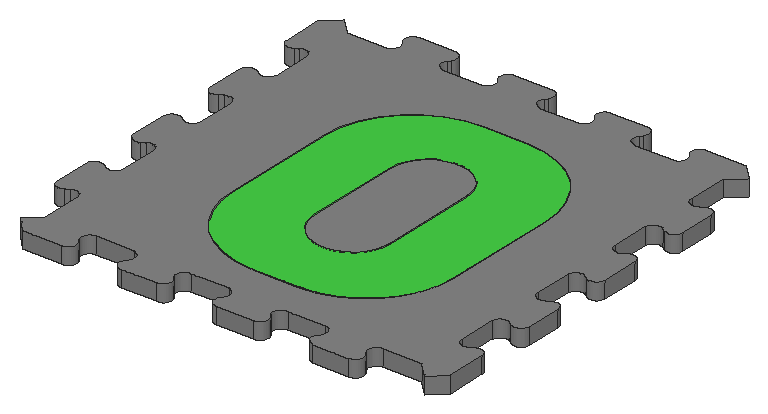
Revit family "Kids_Toy", category Generic Models, Revit 2021
Family settings
  Can host rebar = No
  Round Connector Dimension = Use Diameter
  Part Type = Normal
  Work Plane-Based = Yes
  Always vertical = No
  Cut with Voids When Loaded = No
  Shared = No
  Room Calculation Point = No
Parameters (values of type "00")
  NUM_9 = no
  NUM_8 = no
  NUM_7 = no
  NUM_6 = no
  NUM_5 = no
  NUM_4 = no
  NUM_3 = no
  NUM_2 = no
  NUM_1 = no
  NUM_0 = yes
  Default Elevation = 1219.2 mm
Reference planes
  plane 1 "Centre (avant/arrière)": y = 0
  plane 2: z = 0
  plane 3 "Centre (gauche/droite)": x = 0
Forms (mm)
  Extrusion 1, solid, material "01", visible <- "NUM_1"
    sketch origin (-250, -250, 0) x (1, 0, 0) y (0, 1, 0)
      loop
        line (0, 0) -> (17.678, -17.678) -> (65.846, -17.678)
        arc (65.846, -17.678) -> (74.716, -12.295) -> (74.037, -1.942) r 10
        line (74.037, -1.942) -> (71.318, 1.942)
        arc (71.318, 1.942) -> (70.639, 12.295) -> (79.509, 17.678) r 10
        line (79.509, 17.678) -> (125.846, 17.678)
        arc (125.846, 17.678) -> (134.716, 12.295) -> (134.037, 1.942) r 10
        line (134.037, 1.942) -> (131.318, -1.942)
        arc (131.318, -1.942) -> (130.639, -12.295) -> (139.509, -17.678) r 10
        line (139.509, -17.678) -> (183.168, -17.678)
        arc (183.168, -17.678) -> (192.038, -12.295) -> (191.36, -1.942) r 10
        line (191.36, -1.942) -> (188.64, 1.942)
        arc (188.64, 1.942) -> (187.962, 12.295) -> (196.832, 17.678) r 10
        line (196.832, 17.678) -> (243.168, 17.678)
        arc (243.168, 17.678) -> (252.038, 12.295) -> (251.36, 1.942) r 10
        line (251.36, 1.942) -> (248.64, -1.942)
        arc (248.64, -1.942) -> (247.962, -12.295) -> (256.832, -17.678) r 10
        line (256.832, -17.678) -> (302.67, -17.678)
        arc (302.67, -17.678) -> (311.54, -12.295) -> (310.861, -1.942) r 10
        line (310.861, -1.942) -> (308.142, 1.942)
        arc (308.142, 1.942) -> (307.463, 12.295) -> (316.333, 17.678) r 10
        line (316.333, 17.678) -> (362.67, 17.678)
        arc (362.67, 17.678) -> (371.54, 12.295) -> (370.861, 1.942) r 10
        line (370.861, 1.942) -> (368.142, -1.942)
        arc (368.142, -1.942) -> (367.463, -12.295) -> (376.333, -17.678) r 10
        line (376.333, -17.678) -> (420.491, -17.678)
        arc (420.491, -17.678) -> (429.361, -12.295) -> (428.682, -1.942) r 10
        line (428.682, -1.942) -> (425.963, 1.942)
        arc (425.963, 1.942) -> (425.284, 12.295) -> (434.154, 17.678) r 10
        line (434.154, 17.678) -> (482.322, 17.678) -> (500, 0) -> (517.678, 17.678) -> (517.678, 65.846)
        arc (517.678, 65.846) -> (512.295, 74.716) -> (501.942, 74.037) r 10
        line (501.942, 74.037) -> (498.058, 71.318)
        arc (498.058, 71.318) -> (487.705, 70.639) -> (482.322, 79.509) r 10
        line (482.322, 79.509) -> (482.322, 125.846)
        arc (482.322, 125.846) -> (487.705, 134.716) -> (498.058, 134.037) r 10
        line (498.058, 134.037) -> (501.942, 131.318)
        arc (501.942, 131.318) -> (512.295, 130.639) -> (517.678, 139.509) r 10
        line (517.678, 139.509) -> (517.678, 183.168)
        arc (517.678, 183.168) -> (512.295, 192.038) -> (501.942, 191.36) r 10
        line (501.942, 191.36) -> (498.058, 188.64)
        arc (498.058, 188.64) -> (487.705, 187.962) -> (482.322, 196.832) r 10
        line (482.322, 196.832) -> (482.322, 243.168)
        arc (482.322, 243.168) -> (487.705, 252.038) -> (498.058, 251.36) r 10
        line (498.058, 251.36) -> (501.942, 248.64)
        arc (501.942, 248.64) -> (512.295, 247.962) -> (517.678, 256.832) r 10
        line (517.678, 256.832) -> (517.678, 302.67)
        arc (517.678, 302.67) -> (512.295, 311.54) -> (501.942, 310.861) r 10
        line (501.942, 310.861) -> (498.058, 308.142)
        arc (498.058, 308.142) -> (487.705, 307.463) -> (482.322, 316.333) r 10
        line (482.322, 316.333) -> (482.322, 362.67)
        arc (482.322, 362.67) -> (487.705, 371.54) -> (498.058, 370.861) r 10
        line (498.058, 370.861) -> (501.942, 368.142)
        arc (501.942, 368.142) -> (512.295, 367.463) -> (517.678, 376.333) r 10
        line (517.678, 376.333) -> (517.678, 420.491)
        arc (517.678, 420.491) -> (512.295, 429.361) -> (501.942, 428.682) r 10
        line (501.942, 428.682) -> (498.058, 425.963)
        arc (498.058, 425.963) -> (487.705, 425.284) -> (482.322, 434.154) r 10
        line (482.322, 434.154) -> (482.322, 482.322) -> (500, 500) -> (482.322, 517.678) -> (434.154, 517.678)
        arc (434.154, 517.678) -> (425.284, 512.295) -> (425.963, 501.942) r 10
        line (425.963, 501.942) -> (428.682, 498.058)
        arc (428.682, 498.058) -> (429.361, 487.705) -> (420.491, 482.322) r 10
        line (420.491, 482.322) -> (374.154, 482.322)
        arc (374.154, 482.322) -> (365.284, 487.705) -> (365.963, 498.058) r 10
        line (365.963, 498.058) -> (368.682, 501.942)
        arc (368.682, 501.942) -> (369.361, 512.295) -> (360.491, 517.678) r 10
        line (360.491, 517.678) -> (316.832, 517.678)
        arc (316.832, 517.678) -> (307.962, 512.295) -> (308.64, 501.942) r 10
        line (308.64, 501.942) -> (311.36, 498.058)
        arc (311.36, 498.058) -> (312.038, 487.705) -> (303.168, 482.322) r 10
        line (303.168, 482.322) -> (256.832, 482.322)
        arc (256.832, 482.322) -> (247.962, 487.705) -> (248.64, 498.058) r 10
        line (248.64, 498.058) -> (251.36, 501.942)
        arc (251.36, 501.942) -> (252.038, 512.295) -> (243.168, 517.678) r 10
        line (243.168, 517.678) -> (197.33, 517.678)
        arc (197.33, 517.678) -> (188.46, 512.295) -> (189.139, 501.942) r 10
        line (189.139, 501.942) -> (191.858, 498.058)
        arc (191.858, 498.058) -> (192.537, 487.705) -> (183.667, 482.322) r 10
        line (183.667, 482.322) -> (137.33, 482.322)
        arc (137.33, 482.322) -> (128.46, 487.705) -> (129.139, 498.058) r 10
        line (129.139, 498.058) -> (131.858, 501.942)
        arc (131.858, 501.942) -> (132.537, 512.295) -> (123.667, 517.678) r 10
        line (123.667, 517.678) -> (79.509, 517.678)
        arc (79.509, 517.678) -> (70.639, 512.295) -> (71.318, 501.942) r 10
        line (71.318, 501.942) -> (74.037, 498.058)
        arc (74.037, 498.058) -> (74.716, 487.705) -> (65.846, 482.322) r 10
        line (65.846, 482.322) -> (17.678, 482.322) -> (0, 500) -> (-17.678, 482.322) -> (-17.678, 434.154)
        arc (-17.678, 434.154) -> (-12.295, 425.284) -> (-1.942, 425.963) r 10
        line (-1.942, 425.963) -> (1.942, 428.682)
        arc (1.942, 428.682) -> (12.295, 429.361) -> (17.678, 420.491) r 10
        line (17.678, 420.491) -> (17.678, 374.154)
        arc (17.678, 374.154) -> (12.295, 365.284) -> (1.942, 365.963) r 10
        line (1.942, 365.963) -> (-1.942, 368.682)
        arc (-1.942, 368.682) -> (-12.295, 369.361) -> (-17.678, 360.491) r 10
        line (-17.678, 360.491) -> (-17.678, 316.832)
        arc (-17.678, 316.832) -> (-12.295, 307.962) -> (-1.942, 308.64) r 10
        line (-1.942, 308.64) -> (1.942, 311.36)
        arc (1.942, 311.36) -> (12.295, 312.038) -> (17.678, 303.168) r 10
        line (17.678, 303.168) -> (17.678, 256.832)
        arc (17.678, 256.832) -> (12.295, 247.962) -> (1.942, 248.64) r 10
        line (1.942, 248.64) -> (-1.942, 251.36)
        arc (-1.942, 251.36) -> (-12.295, 252.038) -> (-17.678, 243.168) r 10
        line (-17.678, 243.168) -> (-17.678, 197.33)
        arc (-17.678, 197.33) -> (-12.295, 188.46) -> (-1.942, 189.139) r 10
        line (-1.942, 189.139) -> (1.942, 191.858)
        arc (1.942, 191.858) -> (12.295, 192.537) -> (17.678, 183.667) r 10
        line (17.678, 183.667) -> (17.678, 137.33)
        arc (17.678, 137.33) -> (12.295, 128.46) -> (1.942, 129.139) r 10
        line (1.942, 129.139) -> (-1.942, 131.858)
        arc (-1.942, 131.858) -> (-12.295, 132.537) -> (-17.678, 123.667) r 10
        line (-17.678, 123.667) -> (-17.678, 79.509)
        arc (-17.678, 79.509) -> (-12.295, 70.639) -> (-1.942, 71.318) r 10
        line (-1.942, 71.318) -> (1.942, 74.037)
        arc (1.942, 74.037) -> (12.295, 74.716) -> (17.678, 65.846) r 10
        line (17.678, 65.846) -> (17.678, 17.678) -> (0, 0)
      loop
        line (221.746, 327.966) -> (226.15, 75.703) -> (316.15, 75.703) -> (309.867, 435.648) -> (234.867, 435.648) -> (151.099, 392.966) -> (151.099, 327.966) -> (221.746, 327.966)
    from 0 to 20
  Extrusion 2, solid, material "02", visible <- "NUM_1"
    sketch origin (-250, -250, 0) x (1, 0, 0) y (0, 1, 0)
      loop
        line (221.746, 327.966) -> (226.15, 75.703) -> (316.15, 75.703) -> (309.867, 435.648) -> (234.867, 435.648) -> (151.099, 392.966) -> (151.099, 327.966) -> (221.746, 327.966)
    from 0 to 20
  Extrusion 3, solid, material "02", visible <- "NUM_2"
    sketch origin (-250, -250, 0) x (1, 0, 0) y (0, 1, 0)
      loop
        line (0, 0) -> (17.678, -17.678) -> (65.846, -17.678)
        arc (65.846, -17.678) -> (74.716, -12.295) -> (74.037, -1.942) r 10
        line (74.037, -1.942) -> (71.318, 1.942)
        arc (71.318, 1.942) -> (70.639, 12.295) -> (79.509, 17.678) r 10
        line (79.509, 17.678) -> (125.846, 17.678)
        arc (125.846, 17.678) -> (134.716, 12.295) -> (134.037, 1.942) r 10
        line (134.037, 1.942) -> (131.318, -1.942)
        arc (131.318, -1.942) -> (130.639, -12.295) -> (139.509, -17.678) r 10
        line (139.509, -17.678) -> (183.168, -17.678)
        arc (183.168, -17.678) -> (192.038, -12.295) -> (191.36, -1.942) r 10
        line (191.36, -1.942) -> (188.64, 1.942)
        arc (188.64, 1.942) -> (187.962, 12.295) -> (196.832, 17.678) r 10
        line (196.832, 17.678) -> (243.168, 17.678)
        arc (243.168, 17.678) -> (252.038, 12.295) -> (251.36, 1.942) r 10
        line (251.36, 1.942) -> (248.64, -1.942)
        arc (248.64, -1.942) -> (247.962, -12.295) -> (256.832, -17.678) r 10
        line (256.832, -17.678) -> (302.67, -17.678)
        arc (302.67, -17.678) -> (311.54, -12.295) -> (310.861, -1.942) r 10
        line (310.861, -1.942) -> (308.142, 1.942)
        arc (308.142, 1.942) -> (307.463, 12.295) -> (316.333, 17.678) r 10
        line (316.333, 17.678) -> (362.67, 17.678)
        arc (362.67, 17.678) -> (371.54, 12.295) -> (370.861, 1.942) r 10
        line (370.861, 1.942) -> (368.142, -1.942)
        arc (368.142, -1.942) -> (367.463, -12.295) -> (376.333, -17.678) r 10
        line (376.333, -17.678) -> (420.491, -17.678)
        arc (420.491, -17.678) -> (429.361, -12.295) -> (428.682, -1.942) r 10
        line (428.682, -1.942) -> (425.963, 1.942)
        arc (425.963, 1.942) -> (425.284, 12.295) -> (434.154, 17.678) r 10
        line (434.154, 17.678) -> (482.322, 17.678) -> (500, 0) -> (517.678, 17.678) -> (517.678, 65.846)
        arc (517.678, 65.846) -> (512.295, 74.716) -> (501.942, 74.037) r 10
        line (501.942, 74.037) -> (498.058, 71.318)
        arc (498.058, 71.318) -> (487.705, 70.639) -> (482.322, 79.509) r 10
        line (482.322, 79.509) -> (482.322, 125.846)
        arc (482.322, 125.846) -> (487.705, 134.716) -> (498.058, 134.037) r 10
        line (498.058, 134.037) -> (501.942, 131.318)
        arc (501.942, 131.318) -> (512.295, 130.639) -> (517.678, 139.509) r 10
        line (517.678, 139.509) -> (517.678, 183.168)
        arc (517.678, 183.168) -> (512.295, 192.038) -> (501.942, 191.36) r 10
        line (501.942, 191.36) -> (498.058, 188.64)
        arc (498.058, 188.64) -> (487.705, 187.962) -> (482.322, 196.832) r 10
        line (482.322, 196.832) -> (482.322, 243.168)
        arc (482.322, 243.168) -> (487.705, 252.038) -> (498.058, 251.36) r 10
        line (498.058, 251.36) -> (501.942, 248.64)
        arc (501.942, 248.64) -> (512.295, 247.962) -> (517.678, 256.832) r 10
        line (517.678, 256.832) -> (517.678, 302.67)
        arc (517.678, 302.67) -> (512.295, 311.54) -> (501.942, 310.861) r 10
        line (501.942, 310.861) -> (498.058, 308.142)
        arc (498.058, 308.142) -> (487.705, 307.463) -> (482.322, 316.333) r 10
        line (482.322, 316.333) -> (482.322, 362.67)
        arc (482.322, 362.67) -> (487.705, 371.54) -> (498.058, 370.861) r 10
        line (498.058, 370.861) -> (501.942, 368.142)
        arc (501.942, 368.142) -> (512.295, 367.463) -> (517.678, 376.333) r 10
        line (517.678, 376.333) -> (517.678, 420.491)
        arc (517.678, 420.491) -> (512.295, 429.361) -> (501.942, 428.682) r 10
        line (501.942, 428.682) -> (498.058, 425.963)
        arc (498.058, 425.963) -> (487.705, 425.284) -> (482.322, 434.154) r 10
        line (482.322, 434.154) -> (482.322, 482.322) -> (500, 500) -> (482.322, 517.678) -> (434.154, 517.678)
        arc (434.154, 517.678) -> (425.284, 512.295) -> (425.963, 501.942) r 10
        line (425.963, 501.942) -> (428.682, 498.058)
        arc (428.682, 498.058) -> (429.361, 487.705) -> (420.491, 482.322) r 10
        line (420.491, 482.322) -> (374.154, 482.322)
        arc (374.154, 482.322) -> (365.284, 487.705) -> (365.963, 498.058) r 10
        line (365.963, 498.058) -> (368.682, 501.942)
        arc (368.682, 501.942) -> (369.361, 512.295) -> (360.491, 517.678) r 10
        line (360.491, 517.678) -> (316.832, 517.678)
        arc (316.832, 517.678) -> (307.962, 512.295) -> (308.64, 501.942) r 10
        line (308.64, 501.942) -> (311.36, 498.058)
        arc (311.36, 498.058) -> (312.038, 487.705) -> (303.168, 482.322) r 10
        line (303.168, 482.322) -> (256.832, 482.322)
        arc (256.832, 482.322) -> (247.962, 487.705) -> (248.64, 498.058) r 10
        line (248.64, 498.058) -> (251.36, 501.942)
        arc (251.36, 501.942) -> (252.038, 512.295) -> (243.168, 517.678) r 10
        line (243.168, 517.678) -> (197.33, 517.678)
        arc (197.33, 517.678) -> (188.46, 512.295) -> (189.139, 501.942) r 10
        line (189.139, 501.942) -> (191.858, 498.058)
        arc (191.858, 498.058) -> (192.537, 487.705) -> (183.667, 482.322) r 10
        line (183.667, 482.322) -> (137.33, 482.322)
        arc (137.33, 482.322) -> (128.46, 487.705) -> (129.139, 498.058) r 10
        line (129.139, 498.058) -> (131.858, 501.942)
        arc (131.858, 501.942) -> (132.537, 512.295) -> (123.667, 517.678) r 10
        line (123.667, 517.678) -> (79.509, 517.678)
        arc (79.509, 517.678) -> (70.639, 512.295) -> (71.318, 501.942) r 10
        line (71.318, 501.942) -> (74.037, 498.058)
        arc (74.037, 498.058) -> (74.716, 487.705) -> (65.846, 482.322) r 10
        line (65.846, 482.322) -> (17.678, 482.322) -> (0, 500) -> (-17.678, 482.322) -> (-17.678, 434.154)
        arc (-17.678, 434.154) -> (-12.295, 425.284) -> (-1.942, 425.963) r 10
        line (-1.942, 425.963) -> (1.942, 428.682)
        arc (1.942, 428.682) -> (12.295, 429.361) -> (17.678, 420.491) r 10
        line (17.678, 420.491) -> (17.678, 374.154)
        arc (17.678, 374.154) -> (12.295, 365.284) -> (1.942, 365.963) r 10
        line (1.942, 365.963) -> (-1.942, 368.682)
        arc (-1.942, 368.682) -> (-12.295, 369.361) -> (-17.678, 360.491) r 10
        line (-17.678, 360.491) -> (-17.678, 316.832)
        arc (-17.678, 316.832) -> (-12.295, 307.962) -> (-1.942, 308.64) r 10
        line (-1.942, 308.64) -> (1.942, 311.36)
        arc (1.942, 311.36) -> (12.295, 312.038) -> (17.678, 303.168) r 10
        line (17.678, 303.168) -> (17.678, 256.832)
        arc (17.678, 256.832) -> (12.295, 247.962) -> (1.942, 248.64) r 10
        line (1.942, 248.64) -> (-1.942, 251.36)
        arc (-1.942, 251.36) -> (-12.295, 252.038) -> (-17.678, 243.168) r 10
        line (-17.678, 243.168) -> (-17.678, 197.33)
        arc (-17.678, 197.33) -> (-12.295, 188.46) -> (-1.942, 189.139) r 10
        line (-1.942, 189.139) -> (1.942, 191.858)
        arc (1.942, 191.858) -> (12.295, 192.537) -> (17.678, 183.667) r 10
        line (17.678, 183.667) -> (17.678, 137.33)
        arc (17.678, 137.33) -> (12.295, 128.46) -> (1.942, 129.139) r 10
        line (1.942, 129.139) -> (-1.942, 131.858)
        arc (-1.942, 131.858) -> (-12.295, 132.537) -> (-17.678, 123.667) r 10
        line (-17.678, 123.667) -> (-17.678, 79.509)
        arc (-17.678, 79.509) -> (-12.295, 70.639) -> (-1.942, 71.318) r 10
        line (-1.942, 71.318) -> (1.942, 74.037)
        arc (1.942, 74.037) -> (12.295, 74.716) -> (17.678, 65.846) r 10
        line (17.678, 65.846) -> (17.678, 17.678) -> (0, 0)
      loop
        line (115.33, 297.338) -> (202.662, 297.338)
        arc (202.662, 297.338) -> (270.502, 340.006) -> (279.579, 260.379) r 47.338
        line (279.579, 260.379) -> (178.611, 189.68)
        arc (178.611, 189.68) -> (144.133, 150.366) -> (131.704, 99.574) r 110
        line (131.704, 99.574) -> (131.704, 71.311) -> (386.704, 71.311) -> (386.704, 141.311) -> (241.704, 141.311)
        arc (241.704, 141.311) -> (239.564, 149.032) -> (244.929, 154.984) r 8.327
        arc (244.929, 154.984) -> (308.465, 190.12) -> (356.66, 244.421) r 214.722
        arc (356.66, 244.421) -> (371.98, 333.327) -> (321.033, 407.781) r 120
        arc (321.033, 407.781) -> (185.153, 414.076) -> (115.33, 297.338) r 132.5
    from 0 to 20
  Extrusion 4, solid, material "03", visible <- "NUM_2"
    sketch origin (-250, -250, 0) x (1, 0, 0) y (0, 1, 0)
      loop
        line (115.33, 297.338) -> (202.662, 297.338)
        arc (202.662, 297.338) -> (270.502, 340.006) -> (279.579, 260.379) r 47.338
        line (279.579, 260.379) -> (178.611, 189.68)
        arc (178.611, 189.68) -> (144.133, 150.366) -> (131.704, 99.574) r 110
        line (131.704, 99.574) -> (131.704, 71.311) -> (386.704, 71.311) -> (386.704, 141.311) -> (241.704, 141.311)
        arc (241.704, 141.311) -> (239.564, 149.032) -> (244.929, 154.984) r 8.327
        arc (244.929, 154.984) -> (308.465, 190.12) -> (356.66, 244.421) r 214.722
        arc (356.66, 244.421) -> (371.98, 333.327) -> (321.033, 407.781) r 120
        arc (321.033, 407.781) -> (185.153, 414.076) -> (115.33, 297.338) r 132.5
    from 0 to 20
  Extrusion 5, solid, material "03", visible <- "NUM_3"
    sketch origin (-250, -250, 0) x (1, 0, 0) y (0, 1, 0)
      loop
        line (0, 0) -> (17.678, -17.678) -> (65.846, -17.678)
        arc (65.846, -17.678) -> (74.716, -12.295) -> (74.037, -1.942) r 10
        line (74.037, -1.942) -> (71.318, 1.942)
        arc (71.318, 1.942) -> (70.639, 12.295) -> (79.509, 17.678) r 10
        line (79.509, 17.678) -> (125.846, 17.678)
        arc (125.846, 17.678) -> (134.716, 12.295) -> (134.037, 1.942) r 10
        line (134.037, 1.942) -> (131.318, -1.942)
        arc (131.318, -1.942) -> (130.639, -12.295) -> (139.509, -17.678) r 10
        line (139.509, -17.678) -> (183.168, -17.678)
        arc (183.168, -17.678) -> (192.038, -12.295) -> (191.36, -1.942) r 10
        line (191.36, -1.942) -> (188.64, 1.942)
        arc (188.64, 1.942) -> (187.962, 12.295) -> (196.832, 17.678) r 10
        line (196.832, 17.678) -> (243.168, 17.678)
        arc (243.168, 17.678) -> (252.038, 12.295) -> (251.36, 1.942) r 10
        line (251.36, 1.942) -> (248.64, -1.942)
        arc (248.64, -1.942) -> (247.962, -12.295) -> (256.832, -17.678) r 10
        line (256.832, -17.678) -> (302.67, -17.678)
        arc (302.67, -17.678) -> (311.54, -12.295) -> (310.861, -1.942) r 10
        line (310.861, -1.942) -> (308.142, 1.942)
        arc (308.142, 1.942) -> (307.463, 12.295) -> (316.333, 17.678) r 10
        line (316.333, 17.678) -> (362.67, 17.678)
        arc (362.67, 17.678) -> (371.54, 12.295) -> (370.861, 1.942) r 10
        line (370.861, 1.942) -> (368.142, -1.942)
        arc (368.142, -1.942) -> (367.463, -12.295) -> (376.333, -17.678) r 10
        line (376.333, -17.678) -> (420.491, -17.678)
        arc (420.491, -17.678) -> (429.361, -12.295) -> (428.682, -1.942) r 10
        line (428.682, -1.942) -> (425.963, 1.942)
        arc (425.963, 1.942) -> (425.284, 12.295) -> (434.154, 17.678) r 10
        line (434.154, 17.678) -> (482.322, 17.678) -> (500, 0) -> (517.678, 17.678) -> (517.678, 65.846)
        arc (517.678, 65.846) -> (512.295, 74.716) -> (501.942, 74.037) r 10
        line (501.942, 74.037) -> (498.058, 71.318)
        arc (498.058, 71.318) -> (487.705, 70.639) -> (482.322, 79.509) r 10
        line (482.322, 79.509) -> (482.322, 125.846)
        arc (482.322, 125.846) -> (487.705, 134.716) -> (498.058, 134.037) r 10
        line (498.058, 134.037) -> (501.942, 131.318)
        arc (501.942, 131.318) -> (512.295, 130.639) -> (517.678, 139.509) r 10
        line (517.678, 139.509) -> (517.678, 183.168)
        arc (517.678, 183.168) -> (512.295, 192.038) -> (501.942, 191.36) r 10
        line (501.942, 191.36) -> (498.058, 188.64)
        arc (498.058, 188.64) -> (487.705, 187.962) -> (482.322, 196.832) r 10
        line (482.322, 196.832) -> (482.322, 243.168)
        arc (482.322, 243.168) -> (487.705, 252.038) -> (498.058, 251.36) r 10
        line (498.058, 251.36) -> (501.942, 248.64)
        arc (501.942, 248.64) -> (512.295, 247.962) -> (517.678, 256.832) r 10
        line (517.678, 256.832) -> (517.678, 302.67)
        arc (517.678, 302.67) -> (512.295, 311.54) -> (501.942, 310.861) r 10
        line (501.942, 310.861) -> (498.058, 308.142)
        arc (498.058, 308.142) -> (487.705, 307.463) -> (482.322, 316.333) r 10
        line (482.322, 316.333) -> (482.322, 362.67)
        arc (482.322, 362.67) -> (487.705, 371.54) -> (498.058, 370.861) r 10
        line (498.058, 370.861) -> (501.942, 368.142)
        arc (501.942, 368.142) -> (512.295, 367.463) -> (517.678, 376.333) r 10
        line (517.678, 376.333) -> (517.678, 420.491)
        arc (517.678, 420.491) -> (512.295, 429.361) -> (501.942, 428.682) r 10
        line (501.942, 428.682) -> (498.058, 425.963)
        arc (498.058, 425.963) -> (487.705, 425.284) -> (482.322, 434.154) r 10
        line (482.322, 434.154) -> (482.322, 482.322) -> (500, 500) -> (482.322, 517.678) -> (434.154, 517.678)
        arc (434.154, 517.678) -> (425.284, 512.295) -> (425.963, 501.942) r 10
        line (425.963, 501.942) -> (428.682, 498.058)
        arc (428.682, 498.058) -> (429.361, 487.705) -> (420.491, 482.322) r 10
        line (420.491, 482.322) -> (374.154, 482.322)
        arc (374.154, 482.322) -> (365.284, 487.705) -> (365.963, 498.058) r 10
        line (365.963, 498.058) -> (368.682, 501.942)
        arc (368.682, 501.942) -> (369.361, 512.295) -> (360.491, 517.678) r 10
        line (360.491, 517.678) -> (316.832, 517.678)
        arc (316.832, 517.678) -> (307.962, 512.295) -> (308.64, 501.942) r 10
        line (308.64, 501.942) -> (311.36, 498.058)
        arc (311.36, 498.058) -> (312.038, 487.705) -> (303.168, 482.322) r 10
        line (303.168, 482.322) -> (256.832, 482.322)
        arc (256.832, 482.322) -> (247.962, 487.705) -> (248.64, 498.058) r 10
        line (248.64, 498.058) -> (251.36, 501.942)
        arc (251.36, 501.942) -> (252.038, 512.295) -> (243.168, 517.678) r 10
        line (243.168, 517.678) -> (197.33, 517.678)
        arc (197.33, 517.678) -> (188.46, 512.295) -> (189.139, 501.942) r 10
        line (189.139, 501.942) -> (191.858, 498.058)
        arc (191.858, 498.058) -> (192.537, 487.705) -> (183.667, 482.322) r 10
        line (183.667, 482.322) -> (137.33, 482.322)
        arc (137.33, 482.322) -> (128.46, 487.705) -> (129.139, 498.058) r 10
        line (129.139, 498.058) -> (131.858, 501.942)
        arc (131.858, 501.942) -> (132.537, 512.295) -> (123.667, 517.678) r 10
        line (123.667, 517.678) -> (79.509, 517.678)
        arc (79.509, 517.678) -> (70.639, 512.295) -> (71.318, 501.942) r 10
        line (71.318, 501.942) -> (74.037, 498.058)
        arc (74.037, 498.058) -> (74.716, 487.705) -> (65.846, 482.322) r 10
        line (65.846, 482.322) -> (17.678, 482.322) -> (0, 500) -> (-17.678, 482.322) -> (-17.678, 434.154)
        arc (-17.678, 434.154) -> (-12.295, 425.284) -> (-1.942, 425.963) r 10
        line (-1.942, 425.963) -> (1.942, 428.682)
        arc (1.942, 428.682) -> (12.295, 429.361) -> (17.678, 420.491) r 10
        line (17.678, 420.491) -> (17.678, 374.154)
        arc (17.678, 374.154) -> (12.295, 365.284) -> (1.942, 365.963) r 10
        line (1.942, 365.963) -> (-1.942, 368.682)
        arc (-1.942, 368.682) -> (-12.295, 369.361) -> (-17.678, 360.491) r 10
        line (-17.678, 360.491) -> (-17.678, 316.832)
        arc (-17.678, 316.832) -> (-12.295, 307.962) -> (-1.942, 308.64) r 10
        line (-1.942, 308.64) -> (1.942, 311.36)
        arc (1.942, 311.36) -> (12.295, 312.038) -> (17.678, 303.168) r 10
        line (17.678, 303.168) -> (17.678, 256.832)
        arc (17.678, 256.832) -> (12.295, 247.962) -> (1.942, 248.64) r 10
        line (1.942, 248.64) -> (-1.942, 251.36)
        arc (-1.942, 251.36) -> (-12.295, 252.038) -> (-17.678, 243.168) r 10
        line (-17.678, 243.168) -> (-17.678, 197.33)
        arc (-17.678, 197.33) -> (-12.295, 188.46) -> (-1.942, 189.139) r 10
        line (-1.942, 189.139) -> (1.942, 191.858)
        arc (1.942, 191.858) -> (12.295, 192.537) -> (17.678, 183.667) r 10
        line (17.678, 183.667) -> (17.678, 137.33)
        arc (17.678, 137.33) -> (12.295, 128.46) -> (1.942, 129.139) r 10
        line (1.942, 129.139) -> (-1.942, 131.858)
        arc (-1.942, 131.858) -> (-12.295, 132.537) -> (-17.678, 123.667) r 10
        line (-17.678, 123.667) -> (-17.678, 79.509)
        arc (-17.678, 79.509) -> (-12.295, 70.639) -> (-1.942, 71.318) r 10
        line (-1.942, 71.318) -> (1.942, 74.037)
        arc (1.942, 74.037) -> (12.295, 74.716) -> (17.678, 65.846) r 10
        line (17.678, 65.846) -> (17.678, 17.678) -> (0, 0)
      loop
        line (133.135, 312.143) -> (208.135, 312.143)
        arc (208.135, 312.143) -> (282.665, 359.003) -> (263.1, 273.167) r 47.646
        line (263.1, 273.167) -> (231.646, 273.167) -> (231.646, 227.848) -> (266.611, 227.848)
        arc (266.611, 227.848) -> (286.176, 142.012) -> (211.646, 188.873) r 47.646
        line (211.646, 188.873) -> (136.646, 188.873)
        arc (136.646, 188.873) -> (159.183, 109.813) -> (231.829, 71.332) r 104.815
        line (231.829, 71.332) -> (285.404, 71.332)
        arc (285.404, 71.332) -> (375.597, 141.359) -> (348.29, 252.233) r 104.815
        arc (348.29, 252.233) -> (371.25, 361.971) -> (281.893, 429.684) r 104.815
        line (281.893, 429.684) -> (228.318, 429.684)
        arc (228.318, 429.684) -> (155.672, 391.202) -> (133.135, 312.143) r 104.815
    from 0 to 20
  Extrusion 6, solid, material "06", visible <- "NUM_3"
    sketch origin (-250, -250, 0) x (1, 0, 0) y (0, 1, 0)
      loop
        line (133.135, 312.143) -> (208.135, 312.143)
        arc (208.135, 312.143) -> (282.665, 359.003) -> (263.1, 273.167) r 47.646
        line (263.1, 273.167) -> (231.646, 273.167) -> (231.646, 227.848) -> (266.611, 227.848)
        arc (266.611, 227.848) -> (286.176, 142.012) -> (211.646, 188.873) r 47.646
        line (211.646, 188.873) -> (136.646, 188.873)
        arc (136.646, 188.873) -> (159.183, 109.813) -> (231.829, 71.332) r 104.815
        line (231.829, 71.332) -> (285.404, 71.332)
        arc (285.404, 71.332) -> (375.597, 141.359) -> (348.29, 252.233) r 104.815
        arc (348.29, 252.233) -> (371.25, 361.971) -> (281.893, 429.684) r 104.815
        line (281.893, 429.684) -> (228.318, 429.684)
        arc (228.318, 429.684) -> (155.672, 391.202) -> (133.135, 312.143) r 104.815
    from 0 to 20
  Extrusion 7, solid, material "04", visible <- "NUM_4"
    sketch origin (-250, -250, 0) x (1, 0, 0) y (0, 1, 0)
      loop
        line (0, 0) -> (17.678, -17.678) -> (65.846, -17.678)
        arc (65.846, -17.678) -> (74.716, -12.295) -> (74.037, -1.942) r 10
        line (74.037, -1.942) -> (71.318, 1.942)
        arc (71.318, 1.942) -> (70.639, 12.295) -> (79.509, 17.678) r 10
        line (79.509, 17.678) -> (125.846, 17.678)
        arc (125.846, 17.678) -> (134.716, 12.295) -> (134.037, 1.942) r 10
        line (134.037, 1.942) -> (131.318, -1.942)
        arc (131.318, -1.942) -> (130.639, -12.295) -> (139.509, -17.678) r 10
        line (139.509, -17.678) -> (183.168, -17.678)
        arc (183.168, -17.678) -> (192.038, -12.295) -> (191.36, -1.942) r 10
        line (191.36, -1.942) -> (188.64, 1.942)
        arc (188.64, 1.942) -> (187.962, 12.295) -> (196.832, 17.678) r 10
        line (196.832, 17.678) -> (243.168, 17.678)
        arc (243.168, 17.678) -> (252.038, 12.295) -> (251.36, 1.942) r 10
        line (251.36, 1.942) -> (248.64, -1.942)
        arc (248.64, -1.942) -> (247.962, -12.295) -> (256.832, -17.678) r 10
        line (256.832, -17.678) -> (302.67, -17.678)
        arc (302.67, -17.678) -> (311.54, -12.295) -> (310.861, -1.942) r 10
        line (310.861, -1.942) -> (308.142, 1.942)
        arc (308.142, 1.942) -> (307.463, 12.295) -> (316.333, 17.678) r 10
        line (316.333, 17.678) -> (362.67, 17.678)
        arc (362.67, 17.678) -> (371.54, 12.295) -> (370.861, 1.942) r 10
        line (370.861, 1.942) -> (368.142, -1.942)
        arc (368.142, -1.942) -> (367.463, -12.295) -> (376.333, -17.678) r 10
        line (376.333, -17.678) -> (420.491, -17.678)
        arc (420.491, -17.678) -> (429.361, -12.295) -> (428.682, -1.942) r 10
        line (428.682, -1.942) -> (425.963, 1.942)
        arc (425.963, 1.942) -> (425.284, 12.295) -> (434.154, 17.678) r 10
        line (434.154, 17.678) -> (482.322, 17.678) -> (500, 0) -> (517.678, 17.678) -> (517.678, 65.846)
        arc (517.678, 65.846) -> (512.295, 74.716) -> (501.942, 74.037) r 10
        line (501.942, 74.037) -> (498.058, 71.318)
        arc (498.058, 71.318) -> (487.705, 70.639) -> (482.322, 79.509) r 10
        line (482.322, 79.509) -> (482.322, 125.846)
        arc (482.322, 125.846) -> (487.705, 134.716) -> (498.058, 134.037) r 10
        line (498.058, 134.037) -> (501.942, 131.318)
        arc (501.942, 131.318) -> (512.295, 130.639) -> (517.678, 139.509) r 10
        line (517.678, 139.509) -> (517.678, 183.168)
        arc (517.678, 183.168) -> (512.295, 192.038) -> (501.942, 191.36) r 10
        line (501.942, 191.36) -> (498.058, 188.64)
        arc (498.058, 188.64) -> (487.705, 187.962) -> (482.322, 196.832) r 10
        line (482.322, 196.832) -> (482.322, 243.168)
        arc (482.322, 243.168) -> (487.705, 252.038) -> (498.058, 251.36) r 10
        line (498.058, 251.36) -> (501.942, 248.64)
        arc (501.942, 248.64) -> (512.295, 247.962) -> (517.678, 256.832) r 10
        line (517.678, 256.832) -> (517.678, 302.67)
        arc (517.678, 302.67) -> (512.295, 311.54) -> (501.942, 310.861) r 10
        line (501.942, 310.861) -> (498.058, 308.142)
        arc (498.058, 308.142) -> (487.705, 307.463) -> (482.322, 316.333) r 10
        line (482.322, 316.333) -> (482.322, 362.67)
        arc (482.322, 362.67) -> (487.705, 371.54) -> (498.058, 370.861) r 10
        line (498.058, 370.861) -> (501.942, 368.142)
        arc (501.942, 368.142) -> (512.295, 367.463) -> (517.678, 376.333) r 10
        line (517.678, 376.333) -> (517.678, 420.491)
        arc (517.678, 420.491) -> (512.295, 429.361) -> (501.942, 428.682) r 10
        line (501.942, 428.682) -> (498.058, 425.963)
        arc (498.058, 425.963) -> (487.705, 425.284) -> (482.322, 434.154) r 10
        line (482.322, 434.154) -> (482.322, 482.322) -> (500, 500) -> (482.322, 517.678) -> (434.154, 517.678)
        arc (434.154, 517.678) -> (425.284, 512.295) -> (425.963, 501.942) r 10
        line (425.963, 501.942) -> (428.682, 498.058)
        arc (428.682, 498.058) -> (429.361, 487.705) -> (420.491, 482.322) r 10
        line (420.491, 482.322) -> (374.154, 482.322)
        arc (374.154, 482.322) -> (365.284, 487.705) -> (365.963, 498.058) r 10
        line (365.963, 498.058) -> (368.682, 501.942)
        arc (368.682, 501.942) -> (369.361, 512.295) -> (360.491, 517.678) r 10
        line (360.491, 517.678) -> (316.832, 517.678)
        arc (316.832, 517.678) -> (307.962, 512.295) -> (308.64, 501.942) r 10
        line (308.64, 501.942) -> (311.36, 498.058)
        arc (311.36, 498.058) -> (312.038, 487.705) -> (303.168, 482.322) r 10
        line (303.168, 482.322) -> (256.832, 482.322)
        arc (256.832, 482.322) -> (247.962, 487.705) -> (248.64, 498.058) r 10
        line (248.64, 498.058) -> (251.36, 501.942)
        arc (251.36, 501.942) -> (252.038, 512.295) -> (243.168, 517.678) r 10
        line (243.168, 517.678) -> (197.33, 517.678)
        arc (197.33, 517.678) -> (188.46, 512.295) -> (189.139, 501.942) r 10
        line (189.139, 501.942) -> (191.858, 498.058)
        arc (191.858, 498.058) -> (192.537, 487.705) -> (183.667, 482.322) r 10
        line (183.667, 482.322) -> (137.33, 482.322)
        arc (137.33, 482.322) -> (128.46, 487.705) -> (129.139, 498.058) r 10
        line (129.139, 498.058) -> (131.858, 501.942)
        arc (131.858, 501.942) -> (132.537, 512.295) -> (123.667, 517.678) r 10
        line (123.667, 517.678) -> (79.509, 517.678)
        arc (79.509, 517.678) -> (70.639, 512.295) -> (71.318, 501.942) r 10
        line (71.318, 501.942) -> (74.037, 498.058)
        arc (74.037, 498.058) -> (74.716, 487.705) -> (65.846, 482.322) r 10
        line (65.846, 482.322) -> (17.678, 482.322) -> (0, 500) -> (-17.678, 482.322) -> (-17.678, 434.154)
        arc (-17.678, 434.154) -> (-12.295, 425.284) -> (-1.942, 425.963) r 10
        line (-1.942, 425.963) -> (1.942, 428.682)
        arc (1.942, 428.682) -> (12.295, 429.361) -> (17.678, 420.491) r 10
        line (17.678, 420.491) -> (17.678, 374.154)
        arc (17.678, 374.154) -> (12.295, 365.284) -> (1.942, 365.963) r 10
        line (1.942, 365.963) -> (-1.942, 368.682)
        arc (-1.942, 368.682) -> (-12.295, 369.361) -> (-17.678, 360.491) r 10
        line (-17.678, 360.491) -> (-17.678, 316.832)
        arc (-17.678, 316.832) -> (-12.295, 307.962) -> (-1.942, 308.64) r 10
        line (-1.942, 308.64) -> (1.942, 311.36)
        arc (1.942, 311.36) -> (12.295, 312.038) -> (17.678, 303.168) r 10
        line (17.678, 303.168) -> (17.678, 256.832)
        arc (17.678, 256.832) -> (12.295, 247.962) -> (1.942, 248.64) r 10
        line (1.942, 248.64) -> (-1.942, 251.36)
        arc (-1.942, 251.36) -> (-12.295, 252.038) -> (-17.678, 243.168) r 10
        line (-17.678, 243.168) -> (-17.678, 197.33)
        arc (-17.678, 197.33) -> (-12.295, 188.46) -> (-1.942, 189.139) r 10
        line (-1.942, 189.139) -> (1.942, 191.858)
        arc (1.942, 191.858) -> (12.295, 192.537) -> (17.678, 183.667) r 10
        line (17.678, 183.667) -> (17.678, 137.33)
        arc (17.678, 137.33) -> (12.295, 128.46) -> (1.942, 129.139) r 10
        line (1.942, 129.139) -> (-1.942, 131.858)
        arc (-1.942, 131.858) -> (-12.295, 132.537) -> (-17.678, 123.667) r 10
        line (-17.678, 123.667) -> (-17.678, 79.509)
        arc (-17.678, 79.509) -> (-12.295, 70.639) -> (-1.942, 71.318) r 10
        line (-1.942, 71.318) -> (1.942, 74.037)
        arc (1.942, 74.037) -> (12.295, 74.716) -> (17.678, 65.846) r 10
        line (17.678, 65.846) -> (17.678, 17.678) -> (0, 0)
      loop
        line (261.683, 422.324) -> (137.589, 231.235) -> (137.589, 146.657) -> (272.507, 141.946) -> (272.507, 86.946) -> (356.442, 86.946) -> (356.442, 139.015) -> (396.442, 139.015) -> (396.442, 214.015) -> (356.442, 214.015) -> (356.442, 419.015) -> (261.683, 422.324)
      loop
        line (280.245, 325.452) -> (215.029, 225.029) -> (215.029, 209.755) -> (280.245, 209.755) -> (280.245, 325.452)
    from 0 to 20
  Extrusion 8, solid, material "01", visible <- "NUM_4"
    sketch origin (-250, -250, 0) x (1, 0, 0) y (0, 1, 0)
      loop
        line (261.683, 422.324) -> (137.589, 231.235) -> (137.589, 146.657) -> (272.507, 141.946) -> (272.507, 86.946) -> (356.442, 86.946) -> (356.442, 139.015) -> (396.442, 139.015) -> (396.442, 214.015) -> (356.442, 214.015) -> (356.442, 419.015) -> (261.683, 422.324)
      loop
        line (280.245, 325.452) -> (215.029, 225.029) -> (215.029, 209.755) -> (280.245, 209.755) -> (280.245, 325.452)
    from 0 to 20
  Extrusion 9, solid, material "07", visible <- "NUM_7"
    sketch origin (-250, -250, 0) x (1, 0, 0) y (0, 1, 0)
      loop
        line (0, 0) -> (17.678, -17.678) -> (65.846, -17.678)
        arc (65.846, -17.678) -> (74.716, -12.295) -> (74.037, -1.942) r 10
        line (74.037, -1.942) -> (71.318, 1.942)
        arc (71.318, 1.942) -> (70.639, 12.295) -> (79.509, 17.678) r 10
        line (79.509, 17.678) -> (125.846, 17.678)
        arc (125.846, 17.678) -> (134.716, 12.295) -> (134.037, 1.942) r 10
        line (134.037, 1.942) -> (131.318, -1.942)
        arc (131.318, -1.942) -> (130.639, -12.295) -> (139.509, -17.678) r 10
        line (139.509, -17.678) -> (183.168, -17.678)
        arc (183.168, -17.678) -> (192.038, -12.295) -> (191.36, -1.942) r 10
        line (191.36, -1.942) -> (188.64, 1.942)
        arc (188.64, 1.942) -> (187.962, 12.295) -> (196.832, 17.678) r 10
        line (196.832, 17.678) -> (243.168, 17.678)
        arc (243.168, 17.678) -> (252.038, 12.295) -> (251.36, 1.942) r 10
        line (251.36, 1.942) -> (248.64, -1.942)
        arc (248.64, -1.942) -> (247.962, -12.295) -> (256.832, -17.678) r 10
        line (256.832, -17.678) -> (302.67, -17.678)
        arc (302.67, -17.678) -> (311.54, -12.295) -> (310.861, -1.942) r 10
        line (310.861, -1.942) -> (308.142, 1.942)
        arc (308.142, 1.942) -> (307.463, 12.295) -> (316.333, 17.678) r 10
        line (316.333, 17.678) -> (362.67, 17.678)
        arc (362.67, 17.678) -> (371.54, 12.295) -> (370.861, 1.942) r 10
        line (370.861, 1.942) -> (368.142, -1.942)
        arc (368.142, -1.942) -> (367.463, -12.295) -> (376.333, -17.678) r 10
        line (376.333, -17.678) -> (420.491, -17.678)
        arc (420.491, -17.678) -> (429.361, -12.295) -> (428.682, -1.942) r 10
        line (428.682, -1.942) -> (425.963, 1.942)
        arc (425.963, 1.942) -> (425.284, 12.295) -> (434.154, 17.678) r 10
        line (434.154, 17.678) -> (482.322, 17.678) -> (500, 0) -> (517.678, 17.678) -> (517.678, 65.846)
        arc (517.678, 65.846) -> (512.295, 74.716) -> (501.942, 74.037) r 10
        line (501.942, 74.037) -> (498.058, 71.318)
        arc (498.058, 71.318) -> (487.705, 70.639) -> (482.322, 79.509) r 10
        line (482.322, 79.509) -> (482.322, 125.846)
        arc (482.322, 125.846) -> (487.705, 134.716) -> (498.058, 134.037) r 10
        line (498.058, 134.037) -> (501.942, 131.318)
        arc (501.942, 131.318) -> (512.295, 130.639) -> (517.678, 139.509) r 10
        line (517.678, 139.509) -> (517.678, 183.168)
        arc (517.678, 183.168) -> (512.295, 192.038) -> (501.942, 191.36) r 10
        line (501.942, 191.36) -> (498.058, 188.64)
        arc (498.058, 188.64) -> (487.705, 187.962) -> (482.322, 196.832) r 10
        line (482.322, 196.832) -> (482.322, 243.168)
        arc (482.322, 243.168) -> (487.705, 252.038) -> (498.058, 251.36) r 10
        line (498.058, 251.36) -> (501.942, 248.64)
        arc (501.942, 248.64) -> (512.295, 247.962) -> (517.678, 256.832) r 10
        line (517.678, 256.832) -> (517.678, 302.67)
        arc (517.678, 302.67) -> (512.295, 311.54) -> (501.942, 310.861) r 10
        line (501.942, 310.861) -> (498.058, 308.142)
        arc (498.058, 308.142) -> (487.705, 307.463) -> (482.322, 316.333) r 10
        line (482.322, 316.333) -> (482.322, 362.67)
        arc (482.322, 362.67) -> (487.705, 371.54) -> (498.058, 370.861) r 10
        line (498.058, 370.861) -> (501.942, 368.142)
        arc (501.942, 368.142) -> (512.295, 367.463) -> (517.678, 376.333) r 10
        line (517.678, 376.333) -> (517.678, 420.491)
        arc (517.678, 420.491) -> (512.295, 429.361) -> (501.942, 428.682) r 10
        line (501.942, 428.682) -> (498.058, 425.963)
        arc (498.058, 425.963) -> (487.705, 425.284) -> (482.322, 434.154) r 10
        line (482.322, 434.154) -> (482.322, 482.322) -> (500, 500) -> (482.322, 517.678) -> (434.154, 517.678)
        arc (434.154, 517.678) -> (425.284, 512.295) -> (425.963, 501.942) r 10
        line (425.963, 501.942) -> (428.682, 498.058)
        arc (428.682, 498.058) -> (429.361, 487.705) -> (420.491, 482.322) r 10
        line (420.491, 482.322) -> (374.154, 482.322)
        arc (374.154, 482.322) -> (365.284, 487.705) -> (365.963, 498.058) r 10
        line (365.963, 498.058) -> (368.682, 501.942)
        arc (368.682, 501.942) -> (369.361, 512.295) -> (360.491, 517.678) r 10
        line (360.491, 517.678) -> (316.832, 517.678)
        arc (316.832, 517.678) -> (307.962, 512.295) -> (308.64, 501.942) r 10
        line (308.64, 501.942) -> (311.36, 498.058)
        arc (311.36, 498.058) -> (312.038, 487.705) -> (303.168, 482.322) r 10
        line (303.168, 482.322) -> (256.832, 482.322)
        arc (256.832, 482.322) -> (247.962, 487.705) -> (248.64, 498.058) r 10
        line (248.64, 498.058) -> (251.36, 501.942)
        arc (251.36, 501.942) -> (252.038, 512.295) -> (243.168, 517.678) r 10
        line (243.168, 517.678) -> (197.33, 517.678)
        arc (197.33, 517.678) -> (188.46, 512.295) -> (189.139, 501.942) r 10
        line (189.139, 501.942) -> (191.858, 498.058)
        arc (191.858, 498.058) -> (192.537, 487.705) -> (183.667, 482.322) r 10
        line (183.667, 482.322) -> (137.33, 482.322)
        arc (137.33, 482.322) -> (128.46, 487.705) -> (129.139, 498.058) r 10
        line (129.139, 498.058) -> (131.858, 501.942)
        arc (131.858, 501.942) -> (132.537, 512.295) -> (123.667, 517.678) r 10
        line (123.667, 517.678) -> (79.509, 517.678)
        arc (79.509, 517.678) -> (70.639, 512.295) -> (71.318, 501.942) r 10
        line (71.318, 501.942) -> (74.037, 498.058)
        arc (74.037, 498.058) -> (74.716, 487.705) -> (65.846, 482.322) r 10
        line (65.846, 482.322) -> (17.678, 482.322) -> (0, 500) -> (-17.678, 482.322) -> (-17.678, 434.154)
        arc (-17.678, 434.154) -> (-12.295, 425.284) -> (-1.942, 425.963) r 10
        line (-1.942, 425.963) -> (1.942, 428.682)
        arc (1.942, 428.682) -> (12.295, 429.361) -> (17.678, 420.491) r 10
        line (17.678, 420.491) -> (17.678, 374.154)
        arc (17.678, 374.154) -> (12.295, 365.284) -> (1.942, 365.963) r 10
        line (1.942, 365.963) -> (-1.942, 368.682)
        arc (-1.942, 368.682) -> (-12.295, 369.361) -> (-17.678, 360.491) r 10
        line (-17.678, 360.491) -> (-17.678, 316.832)
        arc (-17.678, 316.832) -> (-12.295, 307.962) -> (-1.942, 308.64) r 10
        line (-1.942, 308.64) -> (1.942, 311.36)
        arc (1.942, 311.36) -> (12.295, 312.038) -> (17.678, 303.168) r 10
        line (17.678, 303.168) -> (17.678, 256.832)
        arc (17.678, 256.832) -> (12.295, 247.962) -> (1.942, 248.64) r 10
        line (1.942, 248.64) -> (-1.942, 251.36)
        arc (-1.942, 251.36) -> (-12.295, 252.038) -> (-17.678, 243.168) r 10
        line (-17.678, 243.168) -> (-17.678, 197.33)
        arc (-17.678, 197.33) -> (-12.295, 188.46) -> (-1.942, 189.139) r 10
        line (-1.942, 189.139) -> (1.942, 191.858)
        arc (1.942, 191.858) -> (12.295, 192.537) -> (17.678, 183.667) r 10
        line (17.678, 183.667) -> (17.678, 137.33)
        arc (17.678, 137.33) -> (12.295, 128.46) -> (1.942, 129.139) r 10
        line (1.942, 129.139) -> (-1.942, 131.858)
        arc (-1.942, 131.858) -> (-12.295, 132.537) -> (-17.678, 123.667) r 10
        line (-17.678, 123.667) -> (-17.678, 79.509)
        arc (-17.678, 79.509) -> (-12.295, 70.639) -> (-1.942, 71.318) r 10
        line (-1.942, 71.318) -> (1.942, 74.037)
        arc (1.942, 74.037) -> (12.295, 74.716) -> (17.678, 65.846) r 10
        line (17.678, 65.846) -> (17.678, 17.678) -> (0, 0)
      loop
        line (119.871, 353.826) -> (251.068, 353.826)
        arc (251.068, 353.826) -> (264.995, 344.397) -> (261.412, 327.964) r 15
        arc (261.412, 327.964) -> (225.774, 290.43) -> (194.093, 249.502) r 513.93
        arc (194.093, 249.502) -> (154.258, 167.568) -> (141.466, 77.367) r 293.509
        line (141.466, 77.367) -> (238.921, 77.367)
        arc (238.921, 77.367) -> (254.363, 150.875) -> (277.744, 222.256) r 686.465
        arc (277.744, 222.256) -> (315.889, 293.586) -> (369.871, 353.826) r 338.419
        line (369.871, 353.826) -> (369.871, 423.826) -> (119.871, 423.826) -> (119.871, 353.826)
    from 0 to 20
  Extrusion 10, solid, material "06", visible <- "NUM_7"
    sketch origin (-250, -250, 0) x (1, 0, 0) y (0, 1, 0)
      loop
        line (119.871, 353.826) -> (251.068, 353.826)
        arc (251.068, 353.826) -> (264.995, 344.397) -> (261.412, 327.964) r 15
        arc (261.412, 327.964) -> (225.774, 290.43) -> (194.093, 249.502) r 513.93
        arc (194.093, 249.502) -> (154.258, 167.568) -> (141.466, 77.367) r 293.509
        line (141.466, 77.367) -> (238.921, 77.367)
        arc (238.921, 77.367) -> (254.363, 150.875) -> (277.744, 222.256) r 686.465
        arc (277.744, 222.256) -> (315.889, 293.586) -> (369.871, 353.826) r 338.419
        line (369.871, 353.826) -> (369.871, 423.826) -> (119.871, 423.826) -> (119.871, 353.826)
    from 0 to 20
  Extrusion 11, solid, material "08", visible <- "NUM_8"
    sketch origin (-250, -250, 0) x (1, 0, 0) y (0, 1, 0)
      loop
        line (0, 0) -> (17.678, -17.678) -> (65.846, -17.678)
        arc (65.846, -17.678) -> (74.716, -12.295) -> (74.037, -1.942) r 10
        line (74.037, -1.942) -> (71.318, 1.942)
        arc (71.318, 1.942) -> (70.639, 12.295) -> (79.509, 17.678) r 10
        line (79.509, 17.678) -> (125.846, 17.678)
        arc (125.846, 17.678) -> (134.716, 12.295) -> (134.037, 1.942) r 10
        line (134.037, 1.942) -> (131.318, -1.942)
        arc (131.318, -1.942) -> (130.639, -12.295) -> (139.509, -17.678) r 10
        line (139.509, -17.678) -> (183.168, -17.678)
        arc (183.168, -17.678) -> (192.038, -12.295) -> (191.36, -1.942) r 10
        line (191.36, -1.942) -> (188.64, 1.942)
        arc (188.64, 1.942) -> (187.962, 12.295) -> (196.832, 17.678) r 10
        line (196.832, 17.678) -> (243.168, 17.678)
        arc (243.168, 17.678) -> (252.038, 12.295) -> (251.36, 1.942) r 10
        line (251.36, 1.942) -> (248.64, -1.942)
        arc (248.64, -1.942) -> (247.962, -12.295) -> (256.832, -17.678) r 10
        line (256.832, -17.678) -> (302.67, -17.678)
        arc (302.67, -17.678) -> (311.54, -12.295) -> (310.861, -1.942) r 10
        line (310.861, -1.942) -> (308.142, 1.942)
        arc (308.142, 1.942) -> (307.463, 12.295) -> (316.333, 17.678) r 10
        line (316.333, 17.678) -> (362.67, 17.678)
        arc (362.67, 17.678) -> (371.54, 12.295) -> (370.861, 1.942) r 10
        line (370.861, 1.942) -> (368.142, -1.942)
        arc (368.142, -1.942) -> (367.463, -12.295) -> (376.333, -17.678) r 10
        line (376.333, -17.678) -> (420.491, -17.678)
        arc (420.491, -17.678) -> (429.361, -12.295) -> (428.682, -1.942) r 10
        line (428.682, -1.942) -> (425.963, 1.942)
        arc (425.963, 1.942) -> (425.284, 12.295) -> (434.154, 17.678) r 10
        line (434.154, 17.678) -> (482.322, 17.678) -> (500, 0) -> (517.678, 17.678) -> (517.678, 65.846)
        arc (517.678, 65.846) -> (512.295, 74.716) -> (501.942, 74.037) r 10
        line (501.942, 74.037) -> (498.058, 71.318)
        arc (498.058, 71.318) -> (487.705, 70.639) -> (482.322, 79.509) r 10
        line (482.322, 79.509) -> (482.322, 125.846)
        arc (482.322, 125.846) -> (487.705, 134.716) -> (498.058, 134.037) r 10
        line (498.058, 134.037) -> (501.942, 131.318)
        arc (501.942, 131.318) -> (512.295, 130.639) -> (517.678, 139.509) r 10
        line (517.678, 139.509) -> (517.678, 183.168)
        arc (517.678, 183.168) -> (512.295, 192.038) -> (501.942, 191.36) r 10
        line (501.942, 191.36) -> (498.058, 188.64)
        arc (498.058, 188.64) -> (487.705, 187.962) -> (482.322, 196.832) r 10
        line (482.322, 196.832) -> (482.322, 243.168)
        arc (482.322, 243.168) -> (487.705, 252.038) -> (498.058, 251.36) r 10
        line (498.058, 251.36) -> (501.942, 248.64)
        arc (501.942, 248.64) -> (512.295, 247.962) -> (517.678, 256.832) r 10
        line (517.678, 256.832) -> (517.678, 302.67)
        arc (517.678, 302.67) -> (512.295, 311.54) -> (501.942, 310.861) r 10
        line (501.942, 310.861) -> (498.058, 308.142)
        arc (498.058, 308.142) -> (487.705, 307.463) -> (482.322, 316.333) r 10
        line (482.322, 316.333) -> (482.322, 362.67)
        arc (482.322, 362.67) -> (487.705, 371.54) -> (498.058, 370.861) r 10
        line (498.058, 370.861) -> (501.942, 368.142)
        arc (501.942, 368.142) -> (512.295, 367.463) -> (517.678, 376.333) r 10
        line (517.678, 376.333) -> (517.678, 420.491)
        arc (517.678, 420.491) -> (512.295, 429.361) -> (501.942, 428.682) r 10
        line (501.942, 428.682) -> (498.058, 425.963)
        arc (498.058, 425.963) -> (487.705, 425.284) -> (482.322, 434.154) r 10
        line (482.322, 434.154) -> (482.322, 482.322) -> (500, 500) -> (482.322, 517.678) -> (434.154, 517.678)
        arc (434.154, 517.678) -> (425.284, 512.295) -> (425.963, 501.942) r 10
        line (425.963, 501.942) -> (428.682, 498.058)
        arc (428.682, 498.058) -> (429.361, 487.705) -> (420.491, 482.322) r 10
        line (420.491, 482.322) -> (374.154, 482.322)
        arc (374.154, 482.322) -> (365.284, 487.705) -> (365.963, 498.058) r 10
        line (365.963, 498.058) -> (368.682, 501.942)
        arc (368.682, 501.942) -> (369.361, 512.295) -> (360.491, 517.678) r 10
        line (360.491, 517.678) -> (316.832, 517.678)
        arc (316.832, 517.678) -> (307.962, 512.295) -> (308.64, 501.942) r 10
        line (308.64, 501.942) -> (311.36, 498.058)
        arc (311.36, 498.058) -> (312.038, 487.705) -> (303.168, 482.322) r 10
        line (303.168, 482.322) -> (256.832, 482.322)
        arc (256.832, 482.322) -> (247.962, 487.705) -> (248.64, 498.058) r 10
        line (248.64, 498.058) -> (251.36, 501.942)
        arc (251.36, 501.942) -> (252.038, 512.295) -> (243.168, 517.678) r 10
        line (243.168, 517.678) -> (197.33, 517.678)
        arc (197.33, 517.678) -> (188.46, 512.295) -> (189.139, 501.942) r 10
        line (189.139, 501.942) -> (191.858, 498.058)
        arc (191.858, 498.058) -> (192.537, 487.705) -> (183.667, 482.322) r 10
        line (183.667, 482.322) -> (137.33, 482.322)
        arc (137.33, 482.322) -> (128.46, 487.705) -> (129.139, 498.058) r 10
        line (129.139, 498.058) -> (131.858, 501.942)
        arc (131.858, 501.942) -> (132.537, 512.295) -> (123.667, 517.678) r 10
        line (123.667, 517.678) -> (79.509, 517.678)
        arc (79.509, 517.678) -> (70.639, 512.295) -> (71.318, 501.942) r 10
        line (71.318, 501.942) -> (74.037, 498.058)
        arc (74.037, 498.058) -> (74.716, 487.705) -> (65.846, 482.322) r 10
        line (65.846, 482.322) -> (17.678, 482.322) -> (0, 500) -> (-17.678, 482.322) -> (-17.678, 434.154)
        arc (-17.678, 434.154) -> (-12.295, 425.284) -> (-1.942, 425.963) r 10
        line (-1.942, 425.963) -> (1.942, 428.682)
        arc (1.942, 428.682) -> (12.295, 429.361) -> (17.678, 420.491) r 10
        line (17.678, 420.491) -> (17.678, 374.154)
        arc (17.678, 374.154) -> (12.295, 365.284) -> (1.942, 365.963) r 10
        line (1.942, 365.963) -> (-1.942, 368.682)
        arc (-1.942, 368.682) -> (-12.295, 369.361) -> (-17.678, 360.491) r 10
        line (-17.678, 360.491) -> (-17.678, 316.832)
        arc (-17.678, 316.832) -> (-12.295, 307.962) -> (-1.942, 308.64) r 10
        line (-1.942, 308.64) -> (1.942, 311.36)
        arc (1.942, 311.36) -> (12.295, 312.038) -> (17.678, 303.168) r 10
        line (17.678, 303.168) -> (17.678, 256.832)
        arc (17.678, 256.832) -> (12.295, 247.962) -> (1.942, 248.64) r 10
        line (1.942, 248.64) -> (-1.942, 251.36)
        arc (-1.942, 251.36) -> (-12.295, 252.038) -> (-17.678, 243.168) r 10
        line (-17.678, 243.168) -> (-17.678, 197.33)
        arc (-17.678, 197.33) -> (-12.295, 188.46) -> (-1.942, 189.139) r 10
        line (-1.942, 189.139) -> (1.942, 191.858)
        arc (1.942, 191.858) -> (12.295, 192.537) -> (17.678, 183.667) r 10
        line (17.678, 183.667) -> (17.678, 137.33)
        arc (17.678, 137.33) -> (12.295, 128.46) -> (1.942, 129.139) r 10
        line (1.942, 129.139) -> (-1.942, 131.858)
        arc (-1.942, 131.858) -> (-12.295, 132.537) -> (-17.678, 123.667) r 10
        line (-17.678, 123.667) -> (-17.678, 79.509)
        arc (-17.678, 79.509) -> (-12.295, 70.639) -> (-1.942, 71.318) r 10
        line (-1.942, 71.318) -> (1.942, 74.037)
        arc (1.942, 74.037) -> (12.295, 74.716) -> (17.678, 65.846) r 10
        line (17.678, 65.846) -> (17.678, 17.678) -> (0, 0)
      loop
        arc (236.18, 420.291) -> (137.284, 357.035) -> (153.24, 240.73) r 108.936
        arc (153.24, 240.73) -> (137.284, 124.424) -> (236.18, 61.168) r 108.936
        line (236.18, 61.168) -> (273.68, 61.168)
        arc (273.68, 61.168) -> (372.575, 124.424) -> (356.619, 240.73) r 108.936
        arc (356.619, 240.73) -> (372.575, 357.035) -> (273.68, 420.291) r 108.936
        line (273.68, 420.291) -> (236.18, 420.291)
      loop
        arc (300.596, 310.592) -> (254.18, 357.903) -> (207.764, 310.592) r 46.425
        arc (207.764, 310.592) -> (254.18, 263.28) -> (300.596, 310.592) r 46.425
      loop
        arc (303.325, 173.454) -> (256.909, 220.766) -> (210.493, 173.454) r 46.425
        arc (210.493, 173.454) -> (256.909, 126.142) -> (303.325, 173.454) r 46.425
    from 0 to 20
  Extrusion 12, solid, material "06", visible <- "NUM_8"
    sketch origin (-250, -250, 0) x (1, 0, 0) y (0, 1, 0)
      loop
        arc (236.18, 420.291) -> (137.284, 357.035) -> (153.24, 240.73) r 108.936
        arc (153.24, 240.73) -> (137.284, 124.424) -> (236.18, 61.168) r 108.936
        line (236.18, 61.168) -> (273.68, 61.168)
        arc (273.68, 61.168) -> (372.575, 124.424) -> (356.619, 240.73) r 108.936
        arc (356.619, 240.73) -> (372.575, 357.035) -> (273.68, 420.291) r 108.936
        line (273.68, 420.291) -> (236.18, 420.291)
      loop
        arc (300.596, 310.592) -> (254.18, 357.903) -> (207.764, 310.592) r 46.425
        arc (207.764, 310.592) -> (254.18, 263.28) -> (300.596, 310.592) r 46.425
      loop
        arc (303.325, 173.454) -> (256.909, 220.766) -> (210.493, 173.454) r 46.425
        arc (210.493, 173.454) -> (256.909, 126.142) -> (303.325, 173.454) r 46.425
    from 0 to 20
  Extrusion 13, solid, material "09", visible <- "NUM_9"
    sketch origin (-250, -250, 0) x (1, 0, 0) y (0, 1, 0)
      loop
        line (0, 0) -> (17.678, -17.678) -> (65.846, -17.678)
        arc (65.846, -17.678) -> (74.716, -12.295) -> (74.037, -1.942) r 10
        line (74.037, -1.942) -> (71.318, 1.942)
        arc (71.318, 1.942) -> (70.639, 12.295) -> (79.509, 17.678) r 10
        line (79.509, 17.678) -> (125.846, 17.678)
        arc (125.846, 17.678) -> (134.716, 12.295) -> (134.037, 1.942) r 10
        line (134.037, 1.942) -> (131.318, -1.942)
        arc (131.318, -1.942) -> (130.639, -12.295) -> (139.509, -17.678) r 10
        line (139.509, -17.678) -> (183.168, -17.678)
        arc (183.168, -17.678) -> (192.038, -12.295) -> (191.36, -1.942) r 10
        line (191.36, -1.942) -> (188.64, 1.942)
        arc (188.64, 1.942) -> (187.962, 12.295) -> (196.832, 17.678) r 10
        line (196.832, 17.678) -> (243.168, 17.678)
        arc (243.168, 17.678) -> (252.038, 12.295) -> (251.36, 1.942) r 10
        line (251.36, 1.942) -> (248.64, -1.942)
        arc (248.64, -1.942) -> (247.962, -12.295) -> (256.832, -17.678) r 10
        line (256.832, -17.678) -> (302.67, -17.678)
        arc (302.67, -17.678) -> (311.54, -12.295) -> (310.861, -1.942) r 10
        line (310.861, -1.942) -> (308.142, 1.942)
        arc (308.142, 1.942) -> (307.463, 12.295) -> (316.333, 17.678) r 10
        line (316.333, 17.678) -> (362.67, 17.678)
        arc (362.67, 17.678) -> (371.54, 12.295) -> (370.861, 1.942) r 10
        line (370.861, 1.942) -> (368.142, -1.942)
        arc (368.142, -1.942) -> (367.463, -12.295) -> (376.333, -17.678) r 10
        line (376.333, -17.678) -> (420.491, -17.678)
        arc (420.491, -17.678) -> (429.361, -12.295) -> (428.682, -1.942) r 10
        line (428.682, -1.942) -> (425.963, 1.942)
        arc (425.963, 1.942) -> (425.284, 12.295) -> (434.154, 17.678) r 10
        line (434.154, 17.678) -> (482.322, 17.678) -> (500, 0) -> (517.678, 17.678) -> (517.678, 65.846)
        arc (517.678, 65.846) -> (512.295, 74.716) -> (501.942, 74.037) r 10
        line (501.942, 74.037) -> (498.058, 71.318)
        arc (498.058, 71.318) -> (487.705, 70.639) -> (482.322, 79.509) r 10
        line (482.322, 79.509) -> (482.322, 125.846)
        arc (482.322, 125.846) -> (487.705, 134.716) -> (498.058, 134.037) r 10
        line (498.058, 134.037) -> (501.942, 131.318)
        arc (501.942, 131.318) -> (512.295, 130.639) -> (517.678, 139.509) r 10
        line (517.678, 139.509) -> (517.678, 183.168)
        arc (517.678, 183.168) -> (512.295, 192.038) -> (501.942, 191.36) r 10
        line (501.942, 191.36) -> (498.058, 188.64)
        arc (498.058, 188.64) -> (487.705, 187.962) -> (482.322, 196.832) r 10
        line (482.322, 196.832) -> (482.322, 243.168)
        arc (482.322, 243.168) -> (487.705, 252.038) -> (498.058, 251.36) r 10
        line (498.058, 251.36) -> (501.942, 248.64)
        arc (501.942, 248.64) -> (512.295, 247.962) -> (517.678, 256.832) r 10
        line (517.678, 256.832) -> (517.678, 302.67)
        arc (517.678, 302.67) -> (512.295, 311.54) -> (501.942, 310.861) r 10
        line (501.942, 310.861) -> (498.058, 308.142)
        arc (498.058, 308.142) -> (487.705, 307.463) -> (482.322, 316.333) r 10
        line (482.322, 316.333) -> (482.322, 362.67)
        arc (482.322, 362.67) -> (487.705, 371.54) -> (498.058, 370.861) r 10
        line (498.058, 370.861) -> (501.942, 368.142)
        arc (501.942, 368.142) -> (512.295, 367.463) -> (517.678, 376.333) r 10
        line (517.678, 376.333) -> (517.678, 420.491)
        arc (517.678, 420.491) -> (512.295, 429.361) -> (501.942, 428.682) r 10
        line (501.942, 428.682) -> (498.058, 425.963)
        arc (498.058, 425.963) -> (487.705, 425.284) -> (482.322, 434.154) r 10
        line (482.322, 434.154) -> (482.322, 482.322) -> (500, 500) -> (482.322, 517.678) -> (434.154, 517.678)
        arc (434.154, 517.678) -> (425.284, 512.295) -> (425.963, 501.942) r 10
        line (425.963, 501.942) -> (428.682, 498.058)
        arc (428.682, 498.058) -> (429.361, 487.705) -> (420.491, 482.322) r 10
        line (420.491, 482.322) -> (374.154, 482.322)
        arc (374.154, 482.322) -> (365.284, 487.705) -> (365.963, 498.058) r 10
        line (365.963, 498.058) -> (368.682, 501.942)
        arc (368.682, 501.942) -> (369.361, 512.295) -> (360.491, 517.678) r 10
        line (360.491, 517.678) -> (316.832, 517.678)
        arc (316.832, 517.678) -> (307.962, 512.295) -> (308.64, 501.942) r 10
        line (308.64, 501.942) -> (311.36, 498.058)
        arc (311.36, 498.058) -> (312.038, 487.705) -> (303.168, 482.322) r 10
        line (303.168, 482.322) -> (256.832, 482.322)
        arc (256.832, 482.322) -> (247.962, 487.705) -> (248.64, 498.058) r 10
        line (248.64, 498.058) -> (251.36, 501.942)
        arc (251.36, 501.942) -> (252.038, 512.295) -> (243.168, 517.678) r 10
        line (243.168, 517.678) -> (197.33, 517.678)
